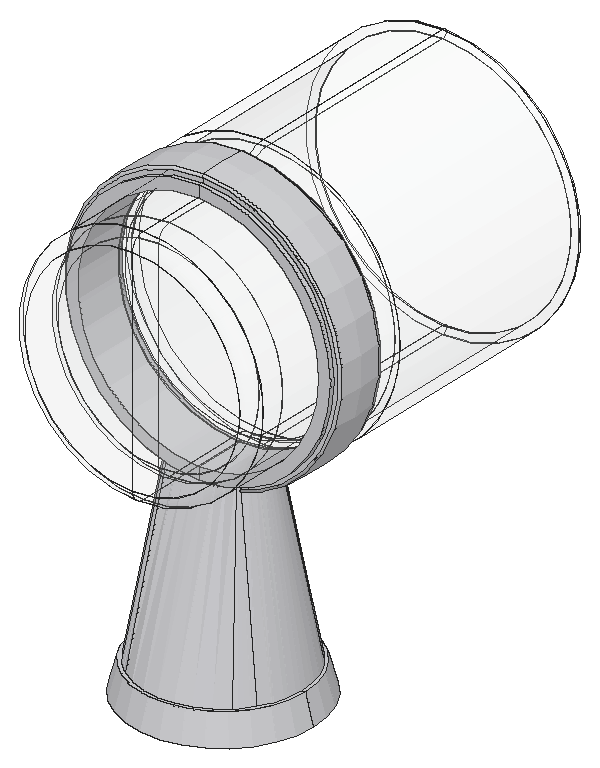
Revit family "Accessory-Tumbler-KOHLER-Complementary-K-5637IN_1", category Specialty Equipment, host Face, Revit 2017
Family settings
  Host = Face
  Round Connector Dimension = Use Diameter
  Part Type = Normal
  OmniClass Number = 23.31.25.00
  Cut with Voids When Loaded = No
  Shared = No
  Room Calculation Point = No
Parameters (values of type "CP-Polished Chrome")
  Width = 2.67717"  # constant formula
  WaterSense Certified = 1 = 0  # no
  URL = "https://www.kohler.co.in"
  Type = 1
  Product Page URL = "https://www.kohler.co.in/product-detail/5637in?skuid=K-5637IN-CP"
  Product Name = "Complementary"  # constant formula
  Product Documentation Link = "http://resources.kohler.com/plumbing/kohlerindia/pdf/5637.pdf"
  Model = if(Type = 1, "K-5637IN-CP", if(Type = 2, "K-5637IN-AF", "NA"))  # "K-5637IN-CP"
  Material = "Premium Metal Construction"  # constant formula
  Master Format 2014 Name = "Toilet, Bath, and Laundry Accessories"  # constant formula
  Master Format 2014 = "10 28 00"  # constant formula
  Manufacturer Address = "Ambience Office Tower NH-8 Gurgaon / Gurugram Haryana , 122001"  # constant formula
  Manufacturer = "KOHLER Co."  # constant formula
  Length = 4.56693"  # constant formula
  Height = 3.77953"  # constant formula
  Finish = Kohler-Metal-CP-Polished_Chrome
  Environmental Product Declaration = ""
  Description = "Tumbler Holder"  # constant formula
  Default Elevation = 42"
  Declare Label = ""
  Date Modified = "09/03/2020"  # constant formula
  Date Created = "09/03/2020"  # constant formula
  Copyright = "Copyright KOHLER Co."  # constant formula
  Contact Us = "https://www.kohler.co.in/contact-us"
  Assembly Code = "C1030200"
  ADA Compliant = 1 = 0  # no
Types (3): name | URL | Type | Product Page URL | Model | Finish
  (no name) | "https://www.kohler.co.in" | 1 | "https://www.kohler.co.in/product-detail/5637in?skuid=K-5637IN-CP" | "K-5637IN-CP" | Kohler-Metal-CP-Polished_Chrome
  CP-Polished Chrome | "https://www.kohler.co.in" | 1 | "https://www.kohler.co.in/product-detail/5637in?skuid=K-5637IN-CP" | "K-5637IN-CP" | Kohler-Metal-CP-Polished_Chrome
  AF-Flange Gold | "https://www.kohler.co.in/\r\nhttps://www.kohler.co.in/" | 2 | "https://www.kohler.co.in/product-detail/5637in?skuid=K-5637IN-AF" | "K-5637IN-AF" | Kohler-Metal-AF-Vibrant_French_Gold
Reference planes (in)
  plane 1 "Center (Front/Back)": y = 0
  plane 2: z = 0
  plane 3 "Center (Left/Right)": x = 0
  plane 4: z = 3.77953
  plane 5: y = 0.88583
  plane 6: y = -0.88583
  plane 7: y = 2.69685
  plane 8: y = -1.08268
  plane 9: x = 1.33858
  plane 10: x = -1.33858
  plane 11: z = 3.22835
  plane 12: z = 4.56693
  plane 13: z = 4.57724
  plane 14: z = 1.87945
  plane 15: x = 0.87721
  plane 16: x = -0.87721
  plane 17: z = 0.27559
Dimensions and locks (in)
  locked: plane 6 to plane 5 at 1.77165
  "Width": plane 10 to plane 9
  "Length": plane 12 to level
  "Height": plane 8 to plane 7
  plane 5 to plane 6 = 1.77165"
  plane 15 to plane 16 = 1.75442"
  aligned and locked: plane 2 to host face
  aligned and locked: level to host face
Automatic sketch dimensions
  host sketch curve to host sketch curve = 96"  (x2)
Nested families (in)
  nested 1: "K-5637IN" at (0, 0, 0), type "K-5637IN"
Definition of nested family "K-5637IN"
  Parameters (values of type "K-5637IN")
    Material = none
    GLASS = none
  Reference planes (in)
    plane 1 "Center (Front/Back)": y = 0
    plane 2: z = 0
    plane 3 "Center (Left/Right)": x = 0
    plane 4: x = 1.33858
    plane 5: x = -1.33858
    plane 6: z = 4.56693
    plane 7: y = -0.88583
    plane 8: y = 0.88583
    plane 9: y = -1.08268
    plane 10: y = 2.69685
    plane 11: z = 3.22835
  Forms (in)
    Revolve 1, solid, detail levels medium+fine
      sketch origin (0, 0, 0) x (0, 1, 0) y (0, 0, 1)
        loop
          line (-1.08268, 3.22835) -> (-0.76772, 3.22835) -> (-0.76772, 4.19554)
          arc (-0.76772, 4.19554) -> (-0.73093, 4.28436) -> (-0.6421, 4.32116) r 0.12561
          line (-0.6421, 4.32116) -> (0.19436, 4.32116)
          arc (0.19436, 4.32116) -> (0.27357, 4.33716) -> (0.34036, 4.38266) r 0.20403
          arc (0.34036, 4.38266) -> (0.42845, 4.44269) -> (0.53294, 4.4638) r 0.26912
          line (0.53294, 4.4638) -> (2.64949, 4.4638)
          arc (2.64949, 4.4638) -> (2.69127, 4.50558) -> (2.64949, 4.54736) r 0.04178
          line (2.64949, 4.54736) -> (0.48726, 4.54736)
          arc (0.48726, 4.54736) -> (0.37382, 4.51899) -> (0.28709, 4.44058) r 0.241
          arc (0.28709, 4.44058) -> (0.24406, 4.40167) -> (0.18779, 4.3876) r 0.11956
          line (0.18779, 4.3876) -> (-0.95685, 4.3876)
          arc (-0.95685, 4.3876) -> (-1.04582, 4.35075) -> (-1.08268, 4.26178) r 0.12582
          line (-1.08268, 4.26178) -> (-1.08268, 3.22835)
        axis (-1.08268, 3.22835) -> (2.64949, 3.22835)
      angle from 0 to 360
    Revolve 2, solid, material <- "Material", detail levels medium+fine
      sketch origin (0, 0, 0) x (0, 1, 0) y (0, 0, 1)
        loop
          line (-0.29528, 4.5) -> (-0.29528, 4.38875) -> (0.19765, 4.38875)
          arc (0.19765, 4.38875) -> (0.25373, 4.41119) -> (0.29528, 4.45504) r 0.14104
          line (0.29528, 4.45504) -> (0.29528, 4.5) -> (0.25591, 4.5) -> (0.25591, 4.4535) -> (0.24606, 4.41676) -> (0.24606, 4.53681)
          arc (0.24606, 4.53681) -> (0.23971, 4.55365) -> (0.22382, 4.5621) r 0.0255
          arc (0.22382, 4.5621) -> (-0.00084, 4.57646) -> (-0.22548, 4.56189) r 1.75184
          arc (-0.22548, 4.56189) -> (-0.24019, 4.55405) -> (-0.24606, 4.53846) r 0.02362
          line (-0.24606, 4.53846) -> (-0.24606, 4.41676) -> (-0.25591, 4.4535) -> (-0.25591, 4.5) -> (-0.29528, 4.5)
        axis (-0.29528, 3.22835) -> (0.29528, 3.22835)
      angle from 0 to 360
    Revolve 3, solid, material <- "Material", detail levels medium+fine
      sketch origin (0, 0, 0) x (1, 0, 0) y (0, 0, 1)
        loop
          line (0.79847, 0.27559) -> (0, 0.27559) -> (0, 0) -> (0.87598, 0) -> (0.79847, 0.27559)
        axis (0, 0.27559) -> (0, 0)
      angle from 0 to 360
    Blend 4, solid, material <- "Material", detail levels medium+fine
      base sketch origin (0, 0, 0.27559) x (1, 0, 0) y (0, 1, 0)
        loop
          arc (-0.56536, 0.51023) -> (-0.76151, 0.00766) -> (-0.57551, -0.49875) r 0.76155
          arc (-0.57551, -0.49875) -> (-0.51146, -0.56424) -> (-0.44002, -0.62157) r 0.76155
          arc (-0.44002, -0.62157) -> (0.05963, -0.75921) -> (0.53166, -0.54525) r 0.76155
          arc (0.53166, -0.54525) -> (0.59272, -0.47817) -> (0.64537, -0.4043) r 0.76155
          arc (0.64537, -0.4043) -> (0.75867, 0.06619) -> (0.56561, 0.50995) r 0.76155
          arc (0.56561, 0.50995) -> (0.504, 0.57091) -> (0.43587, 0.62448) r 0.76155
          arc (0.43587, 0.62448) -> (0.01908, 0.76131) -> (-0.40404, 0.64553) r 0.76155
          arc (-0.40404, 0.64553) -> (-0.4894, 0.58348) -> (-0.56536, 0.51023) r 0.76155
      top sketch origin (0, 0, 0.27559) x (1, 0, 0) y (0, 1, 0)
        loop
          line (0.32906, 0.25591) -> (-0.32891, 0.25591)
          arc (-0.32891, 0.25591) -> (-0.34411, 0.25298) -> (-0.35715, 0.24462) r 0.04097
          arc (-0.35715, 0.24462) -> (-0.46205, 0.00015) -> (-0.35737, -0.24441) r 0.33766
          arc (-0.35737, -0.24441) -> (-0.34411, -0.25292) -> (-0.32864, -0.25591) r 0.04164
          line (-0.32864, -0.25591) -> (0.3286, -0.25591)
          arc (0.3286, -0.25591) -> (0.34411, -0.25292) -> (0.35741, -0.24437) r 0.04174
          arc (0.35741, -0.24437) -> (0.46205, 0.00026) -> (0.35702, 0.24474) r 0.33766
          arc (0.35702, 0.24474) -> (0.34412, 0.25301) -> (0.32906, 0.25591) r 0.04058
      from 0 to 1.7621
    Revolve 5, solid, material <- "Material", detail levels coarse
      sketch origin (0, 0, 0) x (0, 1, 0) y (0, 0, 1)
        loop
          line (0, 0) -> (0, 2.03769) -> (-0.25591, 2.03769) -> (-0.76155, 0.27559) -> (-0.79847, 0.27559) -> (-0.88583, 0) -> (0, 0)
        axis (0, 2.03769) -> (0, 0)
      angle from 0 to 360
    Revolve 6, solid, material <- "GLASS", detail levels coarse
      sketch origin (0, 0, 0) x (0, 1, 0) y (0, 0, 1)
        loop
          line (-1.08268, 3.22835) -> (-0.76094, 3.22835) -> (-0.76094, 4.1926)
          arc (-0.76094, 4.1926) -> (-0.72323, 4.28364) -> (-0.63219, 4.32135) r 0.12875
          line (-0.63219, 4.32135) -> (0.19765, 4.32135)
          arc (0.19765, 4.32135) -> (0.27878, 4.3381) -> (0.34663, 4.38563) r 0.20479
          arc (0.34663, 4.38563) -> (0.42496, 4.44049) -> (0.51862, 4.45983) r 0.23641
          line (0.51862, 4.45983) -> (2.69685, 4.45983) -> (2.69685, 4.56693) -> (0.58971, 4.56693)
          arc (0.58971, 4.56693) -> (0.43148, 4.53688) -> (0.29528, 4.45092) r 0.43167
          arc (0.29528, 4.45092) -> (0.22644, 4.40617) -> (0.14646, 4.3876) r 0.23693
          line (0.14646, 4.3876) -> (-1.08268, 4.3876) -> (-1.08268, 3.22835)
        axis (2.69685, 3.22835) -> (-1.08268, 3.22835)
      angle from 0 to 360
    Revolve 7, solid, material <- "Material", detail levels coarse
      sketch origin (0, 0, 0) x (0, 1, 0) y (0, 0, 1)
        loop
          line (-0.29528, 4.38875) -> (0, 4.38875) -> (0.17963, 4.38875)
          arc (0.17963, 4.38875) -> (0.24543, 4.41211) -> (0.29528, 4.46101) r 0.16191
          line (0.29528, 4.46101) -> (0.29528, 4.5) -> (0.25591, 4.5) -> (0.25591, 4.4535) -> (0.24606, 4.41676) -> (0.24606, 4.56693) -> (0, 4.56693) -> (-0.24606, 4.56693) -> (-0.24606, 4.41676) -> (-0.25591, 4.4535) -> (-0.25591, 4.5) -> (-0.29528, 4.5) -> (-0.29528, 4.38875)
        axis (-0.29528, 3.22835) -> (0.29528, 3.22835)
      angle from 0 to 360
  Cuts and joins
    joined: Revolve 3, Blend 4
  Lines and regions (in)
    Masking region 1
      outline origin (0, 0, 1.03262) x (1, 0, 0) y (0, 1, 0)
        loop
          line (0, 2.69685) -> (-1.29896, 2.69685)
          arc (-1.29896, 2.69685) -> (-1.32698, 2.68525) -> (-1.33858, 2.65723) r 0.03962
          line (-1.33858, 2.65723) -> (-1.33858, 0.45215)
          arc (-1.33858, 0.45215) -> (-1.30643, 0.3546) -> (-1.22258, 0.29528) r 0.16408
          line (-1.22258, 0.29528) -> (-1.27165, 0.29528) -> (-1.27165, 0.24556) -> (-1.30304, 0.24556)
          arc (-1.30304, 0.24556) -> (-1.32817, 0.23515) -> (-1.33858, 0.21001) r 0.03555
          arc (-1.33858, 0.21001) -> (-1.34795, -0.00094) -> (-1.33858, -0.21189) r 2.37994
          arc (-1.33858, -0.21189) -> (-1.3285, -0.23623) -> (-1.30415, -0.24632) r 0.03443
          line (-1.30415, -0.24632) -> (-1.27165, -0.24632) -> (-1.27165, -0.29528) -> (-1.15925, -0.29528) -> (-1.15925, -0.96014)
          arc (-1.15925, -0.96014) -> (-1.12336, -1.04679) -> (-1.03672, -1.08268) r 0.12253
          line (-1.03672, -1.08268) -> (0, -1.08268) -> (1.03672, -1.08268)
          arc (1.03672, -1.08268) -> (1.12336, -1.04679) -> (1.15925, -0.96014) r 0.12253
          line (1.15925, -0.96014) -> (1.15925, -0.29528) -> (1.27165, -0.29528) -> (1.27165, -0.24632) -> (1.30415, -0.24632)
          arc (1.30415, -0.24632) -> (1.3285, -0.23623) -> (1.33858, -0.21189) r 0.03443
          arc (1.33858, -0.21189) -> (1.34795, -0.00094) -> (1.33858, 0.21001) r 2.37994
          arc (1.33858, 0.21001) -> (1.32817, 0.23515) -> (1.30304, 0.24556) r 0.03555
          line (1.30304, 0.24556) -> (1.27165, 0.24556) -> (1.27165, 0.29528) -> (1.22258, 0.29528)
          arc (1.22258, 0.29528) -> (1.30643, 0.3546) -> (1.33858, 0.45215) r 0.16408
          line (1.33858, 0.45215) -> (1.33858, 2.65723)
          arc (1.33858, 2.65723) -> (1.32698, 2.68525) -> (1.29896, 2.69685) r 0.03962
          line (1.29896, 2.69685) -> (0, 2.69685)
    Masking region 2
      outline origin (0, 0, 0) x (1, 0, 0) y (0, 0, 1)
        loop
          line (0, 0) -> (0.87598, 0) -> (0.79847, 0.27559) -> (0.76155, 0.27559) -> (0.48242, 1.96968)
          arc (0.48242, 1.96968) -> (1.32544, 3.47366) -> (0, 4.5763) r 1.34795
          arc (0, 4.5763) -> (-1.32544, 3.47366) -> (-0.48242, 1.96968) r 1.34795
          line (-0.48242, 1.96968) -> (-0.76155, 0.27559) -> (-0.79847, 0.27559) -> (-0.87598, 0) -> (0, 0)
    Masking region 3
      outline origin (0, 0, 0) x (0, 1, 0) y (0, 0, 1)
        loop
          line (-0.29528, 4.3876) -> (-0.9619, 4.3876)
          arc (-0.9619, 4.3876) -> (-1.0473, 4.35223) -> (-1.08268, 4.26683) r 0.12077
          line (-1.08268, 4.26683) -> (-1.08268, 3.22835) -> (-1.08268, 2.18987)
          arc (-1.08268, 2.18987) -> (-1.0473, 2.10447) -> (-0.9619, 2.06909) r 0.12077
          line (-0.9619, 2.06909) -> (-0.29528, 2.06909) -> (-0.29528, 1.90529) -> (-0.54496, 1.03262) -> (-0.76155, 0.27559) -> (-0.79847, 0.27559) -> (-0.88583, 0) -> (0, 0) -> (0.88583, 0) -> (0.79847, 0.27559) -> (0.76155, 0.27559) -> (0.54496, 1.03262) -> (0.29528, 1.90529) -> (0.29528, 2.00577)
          arc (0.29528, 2.00577) -> (0.3651, 1.94354) -> (0.45215, 1.90933) r 0.26589
          line (0.45215, 1.90933) -> (2.65625, 1.90933)
          arc (2.65625, 1.90933) -> (2.68496, 1.92122) -> (2.69685, 1.94993) r 0.0406
          line (2.69685, 1.94993) -> (2.69685, 3.22835) -> (2.69685, 4.50676)
          arc (2.69685, 4.50676) -> (2.68496, 4.53547) -> (2.65625, 4.54736) r 0.0406
          line (2.65625, 4.54736) -> (0.45215, 4.54736)
          arc (0.45215, 4.54736) -> (0.3651, 4.51316) -> (0.29528, 4.45092) r 0.26589
          line (0.29528, 4.45092) -> (0.29528, 4.5) -> (0.24606, 4.5) -> (0.24606, 4.53252)
          arc (0.24606, 4.53252) -> (0.23598, 4.55685) -> (0.21165, 4.56693) r 0.03441
          arc (0.21165, 4.56693) -> (0.0004, 4.57724) -> (-0.21085, 4.56693) r 2.1687
          arc (-0.21085, 4.56693) -> (-0.23575, 4.55662) -> (-0.24606, 4.53172) r 0.03521
          line (-0.24606, 4.53172) -> (-0.24606, 4.5) -> (-0.29528, 4.5) -> (-0.29528, 4.3876)
    symbolic lines, detail levels medium+fine
      curve 1: line (0.76155, 0, 0.27559) -> (-0.76155, 0, 0.27559)
      curve 2: arc (-0.46716, 0, 1.96394) -> (0, 0, 1.8804) -> (0.46716, 0, 1.96394) r 1.34795
      curve 3: line (0, -0.29528, 4.3876) -> (0, -0.29528, 2.06909)
      curve 4: line (0, -0.24606, 4.5) -> (0, -0.24606, 1.97094)
      curve 5: line (0, 0.29528, 4.45092) -> (0, 0.29528, 2.00577)
      curve 6: line (0, 0.24606, 4.5) -> (0, 0.24606, 1.97244)
      curve 7: line (0, 0.76155, 0.27559) -> (0, -0.76155, 0.27559)
      curve 8: arc (0, -0.2322, 1.95967) -> (0, -0.00074, 1.98361) -> (0, 0.23076, 1.95997) r 1.13819
      curve 9: line (-1.22258, 0.29528, 1.03262) -> (1.22258, 0.29528, 1.03262)
      curve 10: line (-1.27049, 0.24606, 1.03262) -> (1.27165, 0.24606, 1.03262)
      curve 11: line (-1.22258, -0.29528, 1.03262) -> (1.1604, -0.29528, 1.03262)
      curve 12: line (-1.27049, -0.24606, 1.03262) -> (1.2715, -0.24606, 1.03262)
      curve 13: line (0, 0.29528, 1.90529) -> (0, 0.25591, 2.03769)
      curve 14: line (0, 0.25591, 2.03769) -> (0, 0.24606, 2.03769)
      curve 15: line (0, -0.25591, 2.03769) -> (0, -0.29528, 1.90529)
      curve 16: line (0, -0.24606, 2.03769) -> (0, -0.25591, 2.03769)
      curve 17: arc (0, 0.24606, 1.97244) -> (0, 0.24137, 1.96257) -> (0, 0.23076, 1.95997) r 0.01273
      curve 18: arc (0, -0.24606, 1.97094) -> (0, -0.24181, 1.96201) -> (0, -0.2322, 1.95967) r 0.01151
      curve 19: circle (0, 0, 3.22835) r 1.2267 normal (0, 1, 0)
      curve 20: circle (0, 0, 3.22835) r 1.1604 normal (0, -1, 0)
  Dimensions and locks (in)
    aligned and locked: plane 2 to level
